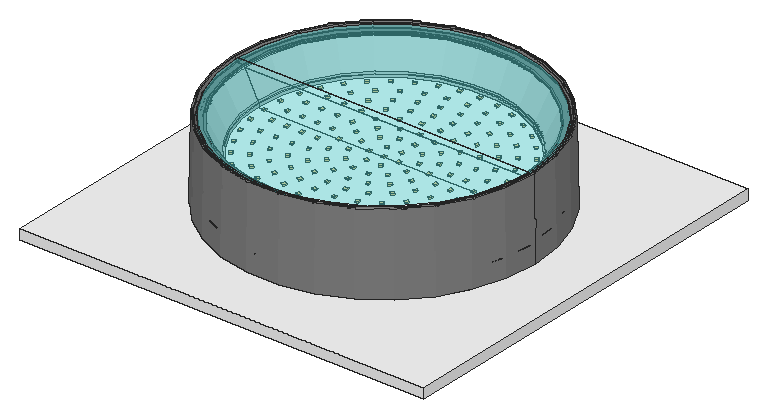
Revit family "BE_24648_de_DE", category Leuchten, Revit 2020
Family settings
  Basisbauteil = Fläche
  Bemaßung runder Anschluss = Durchmesser verwenden
  Teiletyp = Normal
  Beim Laden mit Abzugskörper schneiden = Ja
  Lichtquelle = Ja
  Gemeinsam genutzt = Nein
  Raumberechnungspunkt = Ja
Parameters (values of type "BEGA_24648_Grafit_K3")
  built-in parameter 1150104 = 16.404 (stored number, unit not read)
  Wattage = 27.1 W
  Default Elevation = 0 mm
  built-in parameter 1150113 = 1 (stored number, unit not read)
  built-in parameter 1114218 = 1 (stored number, unit not read)
  Umgebungstemperatur = "25 °C"
  URL = "https://www.bega.com/de/produkt/24648"
  Typenkommentare = "© 2022 BEGA. Wir behalten uns das Recht vor, technische Änderungen ohne vorherige Ankündigung vorzunehmen."  # constant formula
  built-in parameter 1150134 = (empty or 0)
  built-in parameter 1150109 = 1 (stored number, unit not read)
  Strom = ""
  built-in parameter 1150110 = 1 (stored number, unit not read)
  Spannung = 239.996 V
  Sonderanfertigung = no
  Seriennummer [instance] = "Hier können Sie die eindeutige Seriennummer für das Facility Management eintragen."
  Schutzklasse = "I"
  Schutzart = "IP 65"
  Scheinlast = 0 VA
  Produktdatenblatt = "https://cdn.bega.com/bega/products/24648K3/current/documents/data-sheets/de"
  Oberflächentemperatur = ""
  Neigungswinkel = 0.00°
  Modell = "24648K3"
  Material_20 = BEGA_Platte_Weiss
  Material_18 = BEGA_Gummi_schwarz
  Material_17 = BEGA_Reflektor
  Material_15 = BEGA_Leuchtmedium_matt
  Material_11 = BEGA_Glas_opal
  Material_09 = BEGA_Glas_klar
  Material_06 = BEGA_Oberfläche_Edelstahl_gebürstet
  Material_03 = BEGA_Oberfläche_Weiss_matt
  Material_02 = BEGA_Oberfläche_Silber_matt
  Material_01 [instance] = BEGA_Oberfläche_Grafit_matt
  M_W = no
  M_G = yes
  M_A = no
  Logo = 0
  built-in parameter 1114217 = 1 (stored number, unit not read)
  built-in parameter 1150139 = (empty or 0)
  built-in parameter 1150105 = 380.78 (stored number, unit not read)
  built-in parameter 1150114 = 1 (stored number, unit not read)
  Lumens = 4785.05 lm
  built-in parameter 1150115 = 1 (stored number, unit not read)
  Leuchtenlichtstrom = "3888 lm"
  Leuchtenanzahl = ""
  Lebensdauerkriterien = "L70B50 @ 25 °C = 155000 h"
  Lastklassifizierung = Beleuchtung
  built-in parameter 1150112 = 1 (stored number, unit not read)
  Lampenlichtstrom = "4785 lm"
  Lampe = "LED 27.1 W"
  LED_Modulbezeichnung = "LED-1232/830"
  built-in parameter 1150142 = (empty or 0)
  Hersteller = "BEGA"  # constant formula
  Halbstreuwinkel = ""
  Gewicht = "4.05 kg"
  Gebrauchslageneinschränkung [instance] = ""
  Frequenz = "0/50-60 Hz"
  Farbwiedergabeindex = "CRI > 80"
  Farbtemperaturverschiebung bei Dämpfen der Lampe = <Keine Auswahl>
  Farbtemperatur = "3000 K"
  Color Filter = 16777215
  built-in parameter 1150133 = 10 (stored number, unit not read)
  Energieeffizienzklasse = "LED A++ - A"
  built-in parameter 1150137 = (empty or 0)
  built-in parameter 1150132 = (empty or 0)
  ENEC = ""
  Dimmbar [instance] = "DALI"
  Datei für fotometrisches Netz = "BE_24648K3.IES"
  CE_Konformität = "ja"
  Bestellnummer = "24648K3"
  Beschreibung_Sonderanfertigung = "Hier können Sie Informationen zur Sonderanfertigung eintragen."
  Beschreibung = "Decken- und Wandleuchte"
  built-in parameter 1150106 = 3.8078 (stored number, unit not read)
  Befestigungsbohrung = "Ø 7 mm"
  Befestigungsabstand = "260 mm"
  Ballwurfsicher = ""
  BEGA_Intern_aus = yes
  BEGA_Intern_an = yes
  BEGA_Intern_Konstruktion = yes
  BEGA_Intern = yes
  BEGA_IES = yes
  BEGA_Dummy = no
  Anschlussleitung = ""
  Anschlussleistung [instance] = "29.5 W"
  Anschlusskasten = ""
  built-in parameter 1150107 = 3000 (stored number, unit not read)
  built-in parameter 1150102 = (empty or 0)
  built-in parameter 1150138 = (empty or 0)
  Aktualisierung = "2022-05-18T04:00:07"
  Abstand_zur_angestrahlten_Fläche [instance] = ""
  AC/DC = "AC/DC"
Reference planes
  plane 1 "Mitte (Vorne/Hinten)": y = 0
  plane 2: z = 0
  plane 3 "Mitte (Links/Rechts)": x = 0
  plane 4 "Links": x = -150.4
  plane 5 "Rechts": x = 150.4
  plane 6 "Unten": y = -150.4
  plane 7 "Oben": y = 150.4
  plane 8 "Vorne": z = 84.1
  plane 9 "Hinten": z = 0
Forms (mm)
  Extrusion 1, solid, material "BEGA_Platte_Weiss"
    sketch origin (0, -1119.2, 0) x (1, 0, 0) y (0, 1, 0)
      loop
        line (-200, 1319.2) -> (-200, 919.2) -> (200, 919.2) -> (200, 1319.2) -> (-200, 1319.2)
    from 0 to -10
  Extrusion 2, solid, material "BEGA_Dummy_matt", visible <- "BEGA_Dummy"
    sketch origin (77.149, -76.023, -2.092) x (1, 0, 0) y (0, 1, 0)
      loop
        circle (-77.149, 76.023) r 150.4
    from 2.192 to 86.192
Dimensions and locks
  plane 1 "Mitte (Vorne/Hinten)" to Extrusion 1 = 200 mm
  aligned and locked: Extrusion 1 to plane 2
  aligned and locked: level to Extrusion 1
Nested families
  nested 1: "BE_24648" at (0, 0, 0), type "BE_24648"
Connectors
  electrical at (0, 0, 0), driven by "Lastklassifizierung", driven by "Spannung", driven by "Scheinlast"
    settings: index 1, voltage 239.996 V, apparent load 0 VA, apparent load phase1 0 VA, apparent load phase2 0 VA, apparent load phase3 0 VA, power factor 1, load classification "Beleuchtung", number of poles 1, system type 31, power factor state 1, is connector primary yes, connector utility no, sub classification motor no, connector description ""
Definition of nested family "BE_24648"
  Parameters (values of type "BE_24648")
    Default Elevation = 1 mm
    URL = "http://www.bega.de/de/produkt"
    Type Comments = "© 2015 BEGA. Wir behalten uns das Recht vor, technische Änderungen ohne vorherige Ankündigung vorzunehmen. "  # constant formula
    Type Image = (empty or 0)
    Neigungswinkel_um_Z2 = 0.00°
    Neigungswinkel_um_Z1 = 0.00°
    Neigungswinkel_um_Y2 = 0.00°
    Neigungswinkel_um_Y1 = 0.00°
    Neigungswinkel_um_X2 = 0.00°
    Neigungswinkel_um_X1 = 0.00°
    Material_20 = none
    Material_18 = none
    Material_17 = none
    Material_15 = none
    Material_11 = none
    Material_09 = none
    Material_06 = none
    Material_03 = none
    Material_01 = none
    M_W = yes
    M_G = yes
    M_A = yes
    Länge_Platte = 325 mm  # constant formula
    Höhe_Platte = -10 mm  # constant formula
    Manufacturer = "BEGA"  # constant formula
    Drehwinkel_um_Z2 = 0.00°
    Drehwinkel_um_Z1 = 0.00°
    Breite_Platte = 325 mm  # constant formula
  Reference planes
    plane 1 "Mitte (Oben/Unten)": y = 0
    plane 2: z = 0
    plane 3 "Mitte (Links/Rechts)": x = 0
  Forms (mm)
    Extrusion 1, solid, detail levels medium
      sketch origin (0, 0, 0) x (1, 0, 0) y (0, 1, 0)
        loop
          line (-162.5, 162.5) -> (-162.5, -162.5) -> (162.5, -162.5) -> (162.5, 162.5) -> (-162.5, 162.5)
      from 0 to -10 <- "Höhe_Platte"
    Revolve 2, solid, material <- "Material_01", visible <- "M_G"
      sketch origin (0, 0, 0) x (1, 0, 0) y (0, 0, 1)
        loop
          line (-150.396, 4.114) -> (-146.024, 4.114) -> (-145.448, 20.614) -> (-144.25, 20.614)
          arc (-144.25, 20.614) -> (-143.896, 20.76) -> (-143.75, 21.114) r 0.5
          line (-143.75, 21.114) -> (-143.622, 22.614) -> (-143, 52.314) -> (-143, 77.114) -> (-140.207, 77.114) -> (-140.259, 78.614) -> (-145.498, 78.614) -> (-145.549, 79.75) -> (-146.972, 83.657)
          arc (-146.972, 83.657) -> (-147.226, 83.988) -> (-147.624, 84.114) r 0.695
          line (-147.624, 84.114) -> (-148.462, 84.114)
          arc (-148.462, 84.114) -> (-148.846, 83.957) -> (-149.009, 83.576) r 0.547
          line (-149.009, 83.576) -> (-150.396, 4.114)
        axis (0, 84.114) -> (0, 4.114)
      angle from 0 to 360
    Revolve 3, solid, material <- "Material_09"
      sketch origin (0, 0, 0) x (1, 0, 0) y (0, 0, 1)
        loop
          line (-145, 79.124) -> (-139.5, 79.124) -> (-139.5, 77.124) -> (0, 77.124) -> (0, 83.124) -> (-144.264, 83.124) -> (-145, 82.388) -> (-145, 79.124)
        axis (0, 83.124) -> (0, 77.124)
      angle from 0 to 360
    Revolve 4, solid, material <- "Material_18"
      sketch origin (0, 0, 0) x (1, 0, 0) y (0, 0, 1)
        loop
          line (-144.993, 79.114) -> (-144.993, 78.323) -> (-138.011, 78.323) -> (-138.011, 79.114) -> (-144.993, 79.114)
        axis (0, 79.114) -> (0, 78.114)
      angle from 0 to 360
    Revolve 5, solid, material <- "Material_17"
      sketch origin (0, 0, 0) x (1, 0, 0) y (0, 0, 1)
        loop
          line (-137.777, 77.124) -> (-138.618, 77.124) -> (-125.75, 51.685) -> (-125.75, 49.314) -> (-127.567, 49.314) -> (-128, 48.564) -> (-124.25, 48.564) -> (-123.5, 47.564) -> (-123.5, 50.064) -> (-125, 50.064) -> (-125, 51.864) -> (-137.777, 77.124)
        axis (0, 77.124) -> (0, 47.564)
      angle from 0 to 360
    Revolve 6, solid, material <- "Material_20"
      sketch origin (0, 0, 0) x (1, 0, 0) y (0, 0, 1)
        loop
          line (-142, 45.014) -> (-142, 42.014) -> (0, 42.014) -> (0, 46.564) -> (-125.119, 46.564) -> (-125.119, 45.014) -> (-142, 45.014)
        axis (0, 46.564) -> (0, 42.014)
      angle from 0 to 360
    Revolve 7, solid, material <- "Material_01", visible <- "M_G"
      sketch origin (0, 0, 0) x (1, 0, 0) y (0, 0, 1)
        loop
          arc (144.045, 16.536) -> (143.78, 17.179) -> (143.159, 17.494) r 1
          line (143.159, 17.494) -> (141.585, 17.674)
          arc (141.585, 17.674) -> (140.003, 20.129) -> (141.829, 22.408) r 2.5
          line (141.829, 22.408) -> (141.747, 23.342)
          arc (141.747, 23.342) -> (141.381, 23.819) -> (140.807, 24) r 1
          line (140.807, 24) -> (138.693, 24)
          arc (138.693, 24) -> (137.997, 23.719) -> (137.693, 23.033) r 1
          line (137.693, 23.033) -> (137.551, 18.964)
          arc (137.551, 18.964) -> (137.404, 18.477) -> (137.037, 18.126) r 1
          arc (137.037, 18.126) -> (136.673, 17.775) -> (136.527, 17.291) r 1
          line (136.527, 17.291) -> (136.236, 8.963)
          arc (136.236, 8.963) -> (135.931, 8.28) -> (135.237, 8) r 1
          line (135.237, 8) -> (0, 8) -> (0, 5) -> (140.48, 5)
          arc (140.48, 5) -> (141.174, 4.72) -> (141.479, 4.037) r 1
          line (141.479, 4.037) -> (141.552, 1.964)
          arc (141.552, 1.964) -> (141.857, 1.28) -> (142.551, 1) r 1
          line (142.551, 1) -> (144.587, 1) -> (144.045, 16.536)
        axis (0, 24) -> (0, 1)
      angle from 0 to 360
    Revolve 8, solid, material <- "Material_18"
      sketch origin (0, 0, 0) x (1, 0, 0) y (0, 0, 1)
        loop
          arc (145, 20.1) -> (144.268, 21.868) -> (142.5, 22.6) r 2.5
          arc (142.5, 22.6) -> (140, 20.1) -> (142.5, 17.6) r 2.5
          arc (142.5, 17.6) -> (144.268, 18.332) -> (145, 20.1) r 2.5
        axis (0, 22.6) -> (0, 17.6)
      angle from 0 to 360
    Extrusion 9, solid, material <- "Material_01", visible <- "M_G"
      sketch origin (0, 0, 0) x (1, 0, 0) y (0, 1, 0)
        loop
          circle (-130, 0) r 8.251
        loop
          circle (130, 0) r 8.251
      from 0 to 5
    Extrusion 10, void
      sketch origin (0, 0, 0) x (1, 0, 0) y (0, 1, 0)
        loop
          circle (-130, 0) r 3.454
        loop
          circle (130, 0) r 3.454
      from 0 to 18.614
    Extrusion 11, solid, material <- "Material_15"
      sketch origin (0, 0, 0) x (1, 0, 0) y (0, 1, 0)
        loop
          line (1.4, 1.6) -> (-1.4, 1.6) -> (-1.4, -1.6) -> (1.4, -1.6) -> (1.4, 1.6)
      from 46.011 to 47.214
    Extrusion 12, solid, material <- "Material_15"
      sketch origin (0, 0, 0) x (1, 0, 0) y (0, 1, 0)
        loop
          line (-16.2, -1.6) -> (-13.4, -1.6) -> (-13.4, 1.6) -> (-16.2, 1.6) -> (-16.2, -1.6)
        loop
          line (-29.53, -9.569) -> (-26.825, -8.844) -> (-27.653, -5.753) -> (-30.358, -6.478) -> (-29.53, -9.569)
        loop
          line (-30.358, 6.478) -> (-27.653, 5.753) -> (-26.825, 8.844) -> (-29.53, 9.569) -> (-30.358, 6.478)
      from 45.555 to 47.214
    Extrusion 13, solid, material <- "Material_15"
      sketch origin (0, 0, 0) x (0.499999, -0.866026, 0) y (0.866026, 0.499999, 0)
        loop
          line (-16.2, -1.6) -> (-13.4, -1.6) -> (-13.4, 1.6) -> (-16.2, 1.6) -> (-16.2, -1.6)
        loop
          line (-29.53, -9.569) -> (-26.825, -8.844) -> (-27.653, -5.753) -> (-30.358, -6.478) -> (-29.53, -9.569)
        loop
          line (-30.358, 6.478) -> (-27.653, 5.753) -> (-26.825, 8.844) -> (-29.53, 9.569) -> (-30.358, 6.478)
      from 45.555 to 47.214
    Extrusion 14, solid, material <- "Material_15"
      sketch origin (0, 0, 0) x (-0.500002, -0.866024, 0) y (0.866024, -0.500002, 0)
        loop
          line (-16.2, -1.6) -> (-13.4, -1.6) -> (-13.4, 1.6) -> (-16.2, 1.6) -> (-16.2, -1.6)
        loop
          line (-29.53, -9.569) -> (-26.825, -8.844) -> (-27.653, -5.753) -> (-30.358, -6.478) -> (-29.53, -9.569)
        loop
          line (-30.358, 6.478) -> (-27.653, 5.753) -> (-26.825, 8.844) -> (-29.53, 9.569) -> (-30.358, 6.478)
      from 45.555 to 47.214
    Extrusion 15, solid, material <- "Material_15"
      sketch origin (0, 0, 0) x (-1, 0.000003, 0) y (-0.000003, -1, 0)
        loop
          line (-16.2, -1.6) -> (-13.4, -1.6) -> (-13.4, 1.6) -> (-16.2, 1.6) -> (-16.2, -1.6)
        loop
          line (-29.53, -9.569) -> (-26.825, -8.844) -> (-27.653, -5.753) -> (-30.358, -6.478) -> (-29.53, -9.569)
        loop
          line (-30.358, 6.478) -> (-27.653, 5.753) -> (-26.825, 8.844) -> (-29.53, 9.569) -> (-30.358, 6.478)
      from 45.555 to 47.214
    Extrusion 16, solid, material <- "Material_15"
      sketch origin (0, 0, 0) x (-0.499997, 0.866027, 0) y (-0.866027, -0.499997, 0)
        loop
          line (-16.2, -1.6) -> (-13.4, -1.6) -> (-13.4, 1.6) -> (-16.2, 1.6) -> (-16.2, -1.6)
        loop
          line (-29.53, -9.569) -> (-26.825, -8.844) -> (-27.653, -5.753) -> (-30.358, -6.478) -> (-29.53, -9.569)
        loop
          line (-30.358, 6.478) -> (-27.653, 5.753) -> (-26.825, 8.844) -> (-29.53, 9.569) -> (-30.358, 6.478)
      from 45.555 to 47.214
    Extrusion 17, solid, material <- "Material_15"
      sketch origin (0, 0, 0) x (0.500004, 0.866023, 0) y (-0.866023, 0.500004, 0)
        loop
          line (-16.2, -1.6) -> (-13.4, -1.6) -> (-13.4, 1.6) -> (-16.2, 1.6) -> (-16.2, -1.6)
        loop
          line (-29.53, -9.569) -> (-26.825, -8.844) -> (-27.653, -5.753) -> (-30.358, -6.478) -> (-29.53, -9.569)
        loop
          line (-30.358, 6.478) -> (-27.653, 5.753) -> (-26.825, 8.844) -> (-29.53, 9.569) -> (-30.358, 6.478)
      from 45.555 to 47.214
    Extrusion 18, solid, material <- "Material_15"
      sketch origin (0, 0, 0) x (1, 0, 0) y (0, 1, 0)
        loop
          line (-45.8, 1.6) -> (-45.8, -1.6) -> (-43, -1.6) -> (-43, 1.6) -> (-45.8, 1.6)
      from 45.555 to 47.214
    Extrusion 19, solid, material <- "Material_15"
      sketch origin (0, 0, 0) x (0.92388, -0.382683, 0) y (0.382683, 0.92388, 0)
        loop
          line (-45.8, 1.6) -> (-45.8, -1.6) -> (-43, -1.6) -> (-43, 1.6) -> (-45.8, 1.6)
      from 45.555 to 47.214
    Extrusion 20, solid, material <- "Material_15"
      sketch origin (0, 0, 0) x (0.707107, -0.707107, 0) y (0.707107, 0.707107, 0)
        loop
          line (-45.8, 1.6) -> (-45.8, -1.6) -> (-43, -1.6) -> (-43, 1.6) -> (-45.8, 1.6)
      from 45.555 to 47.214
    Extrusion 21, solid, material <- "Material_15"
      sketch origin (0, 0, 0) x (0.382683, -0.92388, 0) y (0.92388, 0.382683, 0)
        loop
          line (-45.8, 1.6) -> (-45.8, -1.6) -> (-43, -1.6) -> (-43, 1.6) -> (-45.8, 1.6)
      from 45.555 to 47.214
    Extrusion 22, solid, material <- "Material_15"
      sketch origin (0, 0, 0) x (0, -1, 0) y (1, 0, 0)
        loop
          line (-45.8, 1.6) -> (-45.8, -1.6) -> (-43, -1.6) -> (-43, 1.6) -> (-45.8, 1.6)
      from 45.555 to 47.214
    Extrusion 23, solid, material <- "Material_15"
      sketch origin (0, 0, 0) x (-0.382684, -0.923879, 0) y (0.923879, -0.382684, 0)
        loop
          line (-45.8, 1.6) -> (-45.8, -1.6) -> (-43, -1.6) -> (-43, 1.6) -> (-45.8, 1.6)
      from 45.555 to 47.214
    Extrusion 24, solid, material <- "Material_15"
      sketch origin (0, 0, 0) x (-0.707107, -0.707107, 0) y (0.707107, -0.707107, 0)
        loop
          line (-45.8, 1.6) -> (-45.8, -1.6) -> (-43, -1.6) -> (-43, 1.6) -> (-45.8, 1.6)
      from 45.555 to 47.214
    Extrusion 25, solid, material <- "Material_15"
      sketch origin (0, 0, 0) x (-0.92388, -0.382683, 0) y (0.382683, -0.92388, 0)
        loop
          line (-45.8, 1.6) -> (-45.8, -1.6) -> (-43, -1.6) -> (-43, 1.6) -> (-45.8, 1.6)
      from 45.555 to 47.214
    Extrusion 26, solid, material <- "Material_15"
      sketch origin (0, 0, 0) x (-1, 0, 0) y (0, -1, 0)
        loop
          line (-45.8, 1.6) -> (-45.8, -1.6) -> (-43, -1.6) -> (-43, 1.6) -> (-45.8, 1.6)
      from 45.555 to 47.214
    Extrusion 27, solid, material <- "Material_15"
      sketch origin (0, 0, 0) x (-0.923879, 0.382684, 0) y (-0.382684, -0.923879, 0)
        loop
          line (-45.8, 1.6) -> (-45.8, -1.6) -> (-43, -1.6) -> (-43, 1.6) -> (-45.8, 1.6)
      from 45.555 to 47.214
    Extrusion 28, solid, material <- "Material_15"
      sketch origin (0, 0, 0) x (-0.707107, 0.707107, 0) y (-0.707107, -0.707107, 0)
        loop
          line (-45.8, 1.6) -> (-45.8, -1.6) -> (-43, -1.6) -> (-43, 1.6) -> (-45.8, 1.6)
      from 45.555 to 47.214
    Extrusion 29, solid, material <- "Material_15"
      sketch origin (0, 0, 0) x (-0.382683, 0.92388, 0) y (-0.92388, -0.382683, 0)
        loop
          line (-45.8, 1.6) -> (-45.8, -1.6) -> (-43, -1.6) -> (-43, 1.6) -> (-45.8, 1.6)
      from 45.555 to 47.214
    Extrusion 30, solid, material <- "Material_15"
      sketch origin (0, 0, 0) x (0, 1, 0) y (-1, 0, 0)
        loop
          line (-45.8, 1.6) -> (-45.8, -1.6) -> (-43, -1.6) -> (-43, 1.6) -> (-45.8, 1.6)
      from 45.555 to 47.214
    Extrusion 31, solid, material <- "Material_15"
      sketch origin (0, 0, 0) x (0.382684, 0.923879, 0) y (-0.923879, 0.382684, 0)
        loop
          line (-45.8, 1.6) -> (-45.8, -1.6) -> (-43, -1.6) -> (-43, 1.6) -> (-45.8, 1.6)
      from 45.555 to 47.214
    Extrusion 32, solid, material <- "Material_15"
      sketch origin (0, 0, 0) x (0.707107, 0.707106, 0) y (-0.707106, 0.707107, 0)
        loop
          line (-45.8, 1.6) -> (-45.8, -1.6) -> (-43, -1.6) -> (-43, 1.6) -> (-45.8, 1.6)
      from 45.555 to 47.214
    Extrusion 33, solid, material <- "Material_15"
      sketch origin (0, 0, 0) x (0.92388, 0.382683, 0) y (-0.382683, 0.92388, 0)
        loop
          line (-45.8, 1.6) -> (-45.8, -1.6) -> (-43, -1.6) -> (-43, 1.6) -> (-45.8, 1.6)
      from 45.555 to 47.214
    Extrusion 34, solid, material <- "Material_15"
      sketch origin (0, 0, 0) x (1, 0, 0) y (0, 1, 0)
        loop
          line (-60.104, 7.9) -> (-57.339, 7.462) -> (-56.838, 10.622) -> (-59.604, 11.06) -> (-60.104, 7.9)
      from 45.555 to 47.214
    Extrusion 35, solid, material <- "Material_15"
      sketch origin (0, 0, 0) x (0.951057, -0.309017, 0) y (0.309017, 0.951057, 0)
        loop
          line (-60.104, 7.9) -> (-57.339, 7.462) -> (-56.838, 10.622) -> (-59.604, 11.06) -> (-60.104, 7.9)
      from 45.555 to 47.214
    Extrusion 36, solid, material <- "Material_15"
      sketch origin (0, 0, 0) x (0.809017, -0.587785, 0) y (0.587785, 0.809017, 0)
        loop
          line (-60.104, 7.9) -> (-57.339, 7.462) -> (-56.838, 10.622) -> (-59.604, 11.06) -> (-60.104, 7.9)
      from 45.555 to 47.214
    Extrusion 37, solid, material <- "Material_15"
      sketch origin (0, 0, 0) x (0.587785, -0.809017, 0) y (0.809017, 0.587785, 0)
        loop
          line (-60.104, 7.9) -> (-57.339, 7.462) -> (-56.838, 10.622) -> (-59.604, 11.06) -> (-60.104, 7.9)
      from 45.555 to 47.214
    Extrusion 38, solid, material <- "Material_15"
      sketch origin (0, 0, 0) x (0.309017, -0.951056, 0) y (0.951056, 0.309017, 0)
        loop
          line (-60.104, 7.9) -> (-57.339, 7.462) -> (-56.838, 10.622) -> (-59.604, 11.06) -> (-60.104, 7.9)
      from 45.555 to 47.214
    Extrusion 39, solid, material <- "Material_15"
      sketch origin (0, 0, 0) x (0, -1, 0) y (1, 0, 0)
        loop
          line (-60.104, 7.9) -> (-57.339, 7.462) -> (-56.838, 10.622) -> (-59.604, 11.06) -> (-60.104, 7.9)
      from 45.555 to 47.214
    Extrusion 40, solid, material <- "Material_15"
      sketch origin (0, 0, 0) x (-0.309017, -0.951057, 0) y (0.951057, -0.309017, 0)
        loop
          line (-60.104, 7.9) -> (-57.339, 7.462) -> (-56.838, 10.622) -> (-59.604, 11.06) -> (-60.104, 7.9)
      from 45.555 to 47.214
    Extrusion 41, solid, material <- "Material_15"
      sketch origin (0, 0, 0) x (-0.587785, -0.809017, 0) y (0.809017, -0.587785, 0)
        loop
          line (-60.104, 7.9) -> (-57.339, 7.462) -> (-56.838, 10.622) -> (-59.604, 11.06) -> (-60.104, 7.9)
      from 45.555 to 47.214
    Extrusion 42, solid, material <- "Material_15"
      sketch origin (0, 0, 0) x (-0.809017, -0.587786, 0) y (0.587786, -0.809017, 0)
        loop
          line (-60.104, 7.9) -> (-57.339, 7.462) -> (-56.838, 10.622) -> (-59.604, 11.06) -> (-60.104, 7.9)
      from 45.555 to 47.214
    Extrusion 43, solid, material <- "Material_15"
      sketch origin (0, 0, 0) x (-0.951056, -0.309017, 0) y (0.309017, -0.951056, 0)
        loop
          line (-60.104, 7.9) -> (-57.339, 7.462) -> (-56.838, 10.622) -> (-59.604, 11.06) -> (-60.104, 7.9)
      from 45.555 to 47.214
    Extrusion 44, solid, material <- "Material_15"
      sketch origin (0, 0, 0) x (-1, 0, 0) y (0, -1, 0)
        loop
          line (-60.104, 7.9) -> (-57.339, 7.462) -> (-56.838, 10.622) -> (-59.604, 11.06) -> (-60.104, 7.9)
      from 45.555 to 47.214
    Extrusion 45, solid, material <- "Material_15"
      sketch origin (0, 0, 0) x (-0.951057, 0.309017, 0) y (-0.309017, -0.951057, 0)
        loop
          line (-60.104, 7.9) -> (-57.339, 7.462) -> (-56.838, 10.622) -> (-59.604, 11.06) -> (-60.104, 7.9)
      from 45.555 to 47.214
    Extrusion 46, solid, material <- "Material_15"
      sketch origin (0, 0, 0) x (-0.809017, 0.587785, 0) y (-0.587785, -0.809017, 0)
        loop
          line (-60.104, 7.9) -> (-57.339, 7.462) -> (-56.838, 10.622) -> (-59.604, 11.06) -> (-60.104, 7.9)
      from 45.555 to 47.214
    Extrusion 47, solid, material <- "Material_15"
      sketch origin (0, 0, 0) x (-0.587786, 0.809017, 0) y (-0.809017, -0.587786, 0)
        loop
          line (-60.104, 7.9) -> (-57.339, 7.462) -> (-56.838, 10.622) -> (-59.604, 11.06) -> (-60.104, 7.9)
      from 45.555 to 47.214
    Extrusion 48, solid, material <- "Material_15"
      sketch origin (0, 0, 0) x (-0.309018, 0.951056, 0) y (-0.951056, -0.309018, 0)
        loop
          line (-60.104, 7.9) -> (-57.339, 7.462) -> (-56.838, 10.622) -> (-59.604, 11.06) -> (-60.104, 7.9)
      from 45.555 to 47.214
    Extrusion 49, solid, material <- "Material_15"
      sketch origin (0, 0, 0) x (-0.000001, 1, 0) y (-1, -0.000001, 0)
        loop
          line (-60.104, 7.9) -> (-57.339, 7.462) -> (-56.838, 10.622) -> (-59.604, 11.06) -> (-60.104, 7.9)
      from 45.555 to 47.214
    Extrusion 50, solid, material <- "Material_15"
      sketch origin (0, 0, 0) x (0.309016, 0.951057, 0) y (-0.951057, 0.309016, 0)
        loop
          line (-60.104, 7.9) -> (-57.339, 7.462) -> (-56.838, 10.622) -> (-59.604, 11.06) -> (-60.104, 7.9)
      from 45.555 to 47.214
    Extrusion 51, solid, material <- "Material_15"
      sketch origin (0, 0, 0) x (0.587785, 0.809017, 0) y (-0.809017, 0.587785, 0)
        loop
          line (-60.104, 7.9) -> (-57.339, 7.462) -> (-56.838, 10.622) -> (-59.604, 11.06) -> (-60.104, 7.9)
      from 45.555 to 47.214
    Extrusion 52, solid, material <- "Material_15"
      sketch origin (0, 0, 0) x (0.809016, 0.587786, 0) y (-0.587786, 0.809016, 0)
        loop
          line (-60.104, 7.9) -> (-57.339, 7.462) -> (-56.838, 10.622) -> (-59.604, 11.06) -> (-60.104, 7.9)
      from 45.555 to 47.214
    Extrusion 53, solid, material <- "Material_15"
      sketch origin (0, 0, 0) x (0.951056, 0.309018, 0) y (-0.309018, 0.951056, 0)
        loop
          line (-60.104, 7.9) -> (-57.339, 7.462) -> (-56.838, 10.622) -> (-59.604, 11.06) -> (-60.104, 7.9)
      from 45.555 to 47.214
    Extrusion 54, solid, material <- "Material_15"
      sketch origin (0, 0, 0) x (1, 0, 0) y (0, 1, 0)
        loop
          line (-74.546, 11.428) -> (-74.964, 8.255) -> (-72.188, 7.89) -> (-71.77, 11.062) -> (-74.546, 11.428)
      from 45.555 to 47.214
    Extrusion 55, solid, material <- "Material_15"
      sketch origin (0, 0, 0) x (0.965926, -0.258819, 0) y (0.258819, 0.965926, 0)
        loop
          line (-74.546, 11.428) -> (-74.964, 8.255) -> (-72.188, 7.89) -> (-71.77, 11.062) -> (-74.546, 11.428)
      from 45.555 to 47.214
    Extrusion 56, solid, material <- "Material_15"
      sketch origin (0, 0, 0) x (0.866025, -0.5, 0) y (0.5, 0.866025, 0)
        loop
          line (-74.546, 11.428) -> (-74.964, 8.255) -> (-72.188, 7.89) -> (-71.77, 11.062) -> (-74.546, 11.428)
      from 45.555 to 47.214
    Extrusion 57, solid, material <- "Material_15"
      sketch origin (0, 0, 0) x (0.707106, -0.707107, 0) y (0.707107, 0.707106, 0)
        loop
          line (-74.546, 11.428) -> (-74.964, 8.255) -> (-72.188, 7.89) -> (-71.77, 11.062) -> (-74.546, 11.428)
      from 45.555 to 47.214
    Extrusion 58, solid, material <- "Material_15"
      sketch origin (0, 0, 0) x (0.499999, -0.866026, 0) y (0.866026, 0.499999, 0)
        loop
          line (-74.546, 11.428) -> (-74.964, 8.255) -> (-72.188, 7.89) -> (-71.77, 11.062) -> (-74.546, 11.428)
      from 45.555 to 47.214
    Extrusion 59, solid, material <- "Material_15"
      sketch origin (0, 0, 0) x (0.258818, -0.965926, 0) y (0.965926, 0.258818, 0)
        loop
          line (-74.546, 11.428) -> (-74.964, 8.255) -> (-72.188, 7.89) -> (-71.77, 11.062) -> (-74.546, 11.428)
      from 45.555 to 47.214
    Extrusion 60, solid, material <- "Material_15"
      sketch origin (0, 0, 0) x (-0.000001, -1, 0) y (1, -0.000001, 0)
        loop
          line (-74.546, 11.428) -> (-74.964, 8.255) -> (-72.188, 7.89) -> (-71.77, 11.062) -> (-74.546, 11.428)
      from 45.555 to 47.214
    Extrusion 61, solid, material <- "Material_15"
      sketch origin (0, 0, 0) x (-0.25882, -0.965926, 0) y (0.965926, -0.25882, 0)
        loop
          line (-74.546, 11.428) -> (-74.964, 8.255) -> (-72.188, 7.89) -> (-71.77, 11.062) -> (-74.546, 11.428)
      from 45.555 to 47.214
    Extrusion 62, solid, material <- "Material_15"
      sketch origin (0, 0, 0) x (-0.500001, -0.866025, 0) y (0.866025, -0.500001, 0)
        loop
          line (-74.546, 11.428) -> (-74.964, 8.255) -> (-72.188, 7.89) -> (-71.77, 11.062) -> (-74.546, 11.428)
      from 45.555 to 47.214
    Extrusion 63, solid, material <- "Material_15"
      sketch origin (0, 0, 0) x (-0.707108, -0.707106, 0) y (0.707106, -0.707108, 0)
        loop
          line (-74.546, 11.428) -> (-74.964, 8.255) -> (-72.188, 7.89) -> (-71.77, 11.062) -> (-74.546, 11.428)
      from 45.555 to 47.214
    Extrusion 64, solid, material <- "Material_15"
      sketch origin (0, 0, 0) x (-0.866026, -0.499999, 0) y (0.499999, -0.866026, 0)
        loop
          line (-74.546, 11.428) -> (-74.964, 8.255) -> (-72.188, 7.89) -> (-71.77, 11.062) -> (-74.546, 11.428)
      from 45.555 to 47.214
    Extrusion 65, solid, material <- "Material_15"
      sketch origin (0, 0, 0) x (-0.965926, -0.258817, 0) y (0.258817, -0.965926, 0)
        loop
          line (-74.546, 11.428) -> (-74.964, 8.255) -> (-72.188, 7.89) -> (-71.77, 11.062) -> (-74.546, 11.428)
      from 45.555 to 47.214
    Extrusion 66, solid, material <- "Material_15"
      sketch origin (0, 0, 0) x (-1, 0.000002, 0) y (-0.000002, -1, 0)
        loop
          line (-74.546, 11.428) -> (-74.964, 8.255) -> (-72.188, 7.89) -> (-71.77, 11.062) -> (-74.546, 11.428)
      from 45.555 to 47.214
    Extrusion 67, solid, material <- "Material_15"
      sketch origin (0, 0, 0) x (-0.965925, 0.258821, 0) y (-0.258821, -0.965925, 0)
        loop
          line (-74.546, 11.428) -> (-74.964, 8.255) -> (-72.188, 7.89) -> (-71.77, 11.062) -> (-74.546, 11.428)
      from 45.555 to 47.214
    Extrusion 68, solid, material <- "Material_15"
      sketch origin (0, 0, 0) x (-0.866024, 0.500002, 0) y (-0.500002, -0.866024, 0)
        loop
          line (-74.546, 11.428) -> (-74.964, 8.255) -> (-72.188, 7.89) -> (-71.77, 11.062) -> (-74.546, 11.428)
      from 45.555 to 47.214
    Extrusion 69, solid, material <- "Material_15"
      sketch origin (0, 0, 0) x (-0.707105, 0.707108, 0) y (-0.707108, -0.707105, 0)
        loop
          line (-74.546, 11.428) -> (-74.964, 8.255) -> (-72.188, 7.89) -> (-71.77, 11.062) -> (-74.546, 11.428)
      from 45.555 to 47.214
    Extrusion 70, solid, material <- "Material_15"
      sketch origin (0, 0, 0) x (-0.499998, 0.866027, 0) y (-0.866027, -0.499998, 0)
        loop
          line (-74.546, 11.428) -> (-74.964, 8.255) -> (-72.188, 7.89) -> (-71.77, 11.062) -> (-74.546, 11.428)
      from 45.555 to 47.214
    Extrusion 71, solid, material <- "Material_15"
      sketch origin (0, 0, 0) x (-0.258816, 0.965927, 0) y (-0.965927, -0.258816, 0)
        loop
          line (-74.546, 11.428) -> (-74.964, 8.255) -> (-72.188, 7.89) -> (-71.77, 11.062) -> (-74.546, 11.428)
      from 45.555 to 47.214
    Extrusion 72, solid, material <- "Material_15"
      sketch origin (0, 0, 0) x (0.000003, 1, 0) y (-1, 0.000003, 0)
        loop
          line (-74.546, 11.428) -> (-74.964, 8.255) -> (-72.188, 7.89) -> (-71.77, 11.062) -> (-74.546, 11.428)
      from 45.555 to 47.214
    Extrusion 73, solid, material <- "Material_15"
      sketch origin (0, 0, 0) x (0.258822, 0.965925, 0) y (-0.965925, 0.258822, 0)
        loop
          line (-74.546, 11.428) -> (-74.964, 8.255) -> (-72.188, 7.89) -> (-71.77, 11.062) -> (-74.546, 11.428)
      from 45.555 to 47.214
    Extrusion 74, solid, material <- "Material_15"
      sketch origin (0, 0, 0) x (0.500003, 0.866024, 0) y (-0.866024, 0.500003, 0)
        loop
          line (-74.546, 11.428) -> (-74.964, 8.255) -> (-72.188, 7.89) -> (-71.77, 11.062) -> (-74.546, 11.428)
      from 45.555 to 47.214
    Extrusion 75, solid, material <- "Material_15"
      sketch origin (0, 0, 0) x (0.707109, 0.707104, 0) y (-0.707104, 0.707109, 0)
        loop
          line (-74.546, 11.428) -> (-74.964, 8.255) -> (-72.188, 7.89) -> (-71.77, 11.062) -> (-74.546, 11.428)
      from 45.555 to 47.214
    Extrusion 76, solid, material <- "Material_15"
      sketch origin (0, 0, 0) x (0.866027, 0.499997, 0) y (-0.499997, 0.866027, 0)
        loop
          line (-74.546, 11.428) -> (-74.964, 8.255) -> (-72.188, 7.89) -> (-71.77, 11.062) -> (-74.546, 11.428)
      from 45.555 to 47.214
    Extrusion 77, solid, material <- "Material_15"
      sketch origin (0, 0, 0) x (0.965927, 0.258816, 0) y (-0.258816, 0.965927, 0)
        loop
          line (-74.546, 11.428) -> (-74.964, 8.255) -> (-72.188, 7.89) -> (-71.77, 11.062) -> (-74.546, 11.428)
      from 45.555 to 47.214
    Extrusion 78, solid, material <- "Material_15"
      sketch origin (0, 0, 0) x (1, 0, 0) y (0, 1, 0)
        loop
          line (-89.498, 11.343) -> (-89.844, 8.162) -> (-87.061, 7.859) -> (-86.715, 11.04) -> (-89.498, 11.343)
      from 45.014 to 47.214
    Extrusion 79, solid, material <- "Material_15"
      sketch origin (0, 0, 0) x (0.976621, -0.21497, 0) y (0.21497, 0.976621, 0)
        loop
          line (-89.498, 11.343) -> (-89.844, 8.162) -> (-87.061, 7.859) -> (-86.715, 11.04) -> (-89.498, 11.343)
      from 45.014 to 47.214
    Extrusion 80, solid, material <- "Material_15"
      sketch origin (0, 0, 0) x (0.907575, -0.419889, 0) y (0.419889, 0.907575, 0)
        loop
          line (-89.498, 11.343) -> (-89.844, 8.162) -> (-87.061, 7.859) -> (-86.715, 11.04) -> (-89.498, 11.343)
      from 45.014 to 47.214
    Extrusion 81, solid, material <- "Material_15"
      sketch origin (0, 0, 0) x (0.796093, -0.605174, 0) y (0.605174, 0.796093, 0)
        loop
          line (-89.498, 11.343) -> (-89.844, 8.162) -> (-87.061, 7.859) -> (-86.715, 11.04) -> (-89.498, 11.343)
      from 45.014 to 47.214
    Extrusion 82, solid, material <- "Material_15"
      sketch origin (0, 0, 0) x (0.647386, -0.762162, 0) y (0.762162, 0.647386, 0)
        loop
          line (-89.498, 11.343) -> (-89.844, 8.162) -> (-87.061, 7.859) -> (-86.715, 11.04) -> (-89.498, 11.343)
      from 45.014 to 47.214
    Extrusion 83, solid, material <- "Material_15"
      sketch origin (0, 0, 0) x (0.468408, -0.883512, 0) y (0.883512, 0.468408, 0)
        loop
          line (-89.498, 11.343) -> (-89.844, 8.162) -> (-87.061, 7.859) -> (-86.715, 11.04) -> (-89.498, 11.343)
      from 45.014 to 47.214
    Extrusion 84, solid, material <- "Material_15"
      sketch origin (0, 0, 0) x (0.267528, -0.96355, 0) y (0.96355, 0.267528, 0)
        loop
          line (-89.498, 11.343) -> (-89.844, 8.162) -> (-87.061, 7.859) -> (-86.715, 11.04) -> (-89.498, 11.343)
      from 45.014 to 47.214
    Extrusion 85, solid, material <- "Material_15"
      sketch origin (0, 0, 0) x (0.054139, -0.998533, 0) y (0.998533, 0.054139, 0)
        loop
          line (-89.498, 11.343) -> (-89.844, 8.162) -> (-87.061, 7.859) -> (-86.715, 11.04) -> (-89.498, 11.343)
      from 45.014 to 47.214
    Extrusion 86, solid, material <- "Material_15"
      sketch origin (0, 0, 0) x (-0.161782, -0.986826, 0) y (0.986826, -0.161782, 0)
        loop
          line (-89.498, 11.343) -> (-89.844, 8.162) -> (-87.061, 7.859) -> (-86.715, 11.04) -> (-89.498, 11.343)
      from 45.014 to 47.214
    Extrusion 87, solid, material <- "Material_15"
      sketch origin (0, 0, 0) x (-0.370139, -0.928977, 0) y (0.928977, -0.370139, 0)
        loop
          line (-89.498, 11.343) -> (-89.844, 8.162) -> (-87.061, 7.859) -> (-86.715, 11.04) -> (-89.498, 11.343)
      from 45.014 to 47.214
    Extrusion 88, solid, material <- "Material_15"
      sketch origin (0, 0, 0) x (-0.561187, -0.827689, 0) y (0.827689, -0.561187, 0)
        loop
          line (-89.498, 11.343) -> (-89.844, 8.162) -> (-87.061, 7.859) -> (-86.715, 11.04) -> (-89.498, 11.343)
      from 45.014 to 47.214
    Extrusion 89, solid, material <- "Material_15"
      sketch origin (0, 0, 0) x (-0.725996, -0.687699, 0) y (0.687699, -0.725996, 0)
        loop
          line (-89.498, 11.343) -> (-89.844, 8.162) -> (-87.061, 7.859) -> (-86.715, 11.04) -> (-89.498, 11.343)
      from 45.014 to 47.214
    Extrusion 90, solid, material <- "Material_15"
      sketch origin (0, 0, 0) x (-0.856857, -0.515553, 0) y (0.515553, -0.856857, 0)
        loop
          line (-89.498, 11.343) -> (-89.844, 8.162) -> (-87.061, 7.859) -> (-86.715, 11.04) -> (-89.498, 11.343)
      from 45.014 to 47.214
    Extrusion 91, solid, material <- "Material_15"
      sketch origin (0, 0, 0) x (-0.947653, -0.319301, 0) y (0.319301, -0.947653, 0)
        loop
          line (-89.498, 11.343) -> (-89.844, 8.162) -> (-87.061, 7.859) -> (-86.715, 11.04) -> (-89.498, 11.343)
      from 45.014 to 47.214
    Extrusion 92, solid, material <- "Material_15"
      sketch origin (0, 0, 0) x (-0.994138, -0.108118, 0) y (0.108118, -0.994138, 0)
        loop
          line (-89.498, 11.343) -> (-89.844, 8.162) -> (-87.061, 7.859) -> (-86.715, 11.04) -> (-89.498, 11.343)
      from 45.014 to 47.214
    Extrusion 93, solid, material <- "Material_15"
      sketch origin (0, 0, 0) x (-0.994138, 0.10812, 0) y (-0.10812, -0.994138, 0)
        loop
          line (-89.498, 11.343) -> (-89.844, 8.162) -> (-87.061, 7.859) -> (-86.715, 11.04) -> (-89.498, 11.343)
      from 45.014 to 47.214
    Extrusion 94, solid, material <- "Material_15"
      sketch origin (0, 0, 0) x (-0.947653, 0.319302, 0) y (-0.319302, -0.947653, 0)
        loop
          line (-89.498, 11.343) -> (-89.844, 8.162) -> (-87.061, 7.859) -> (-86.715, 11.04) -> (-89.498, 11.343)
      from 45.014 to 47.214
    Extrusion 95, solid, material <- "Material_15"
      sketch origin (0, 0, 0) x (-0.856857, 0.515554, 0) y (-0.515554, -0.856857, 0)
        loop
          line (-89.498, 11.343) -> (-89.844, 8.162) -> (-87.061, 7.859) -> (-86.715, 11.04) -> (-89.498, 11.343)
      from 45.014 to 47.214
    Extrusion 96, solid, material <- "Material_15"
      sketch origin (0, 0, 0) x (-0.725995, 0.6877, 0) y (-0.6877, -0.725995, 0)
        loop
          line (-89.498, 11.343) -> (-89.844, 8.162) -> (-87.061, 7.859) -> (-86.715, 11.04) -> (-89.498, 11.343)
      from 45.014 to 47.214
    Extrusion 97, solid, material <- "Material_15"
      sketch origin (0, 0, 0) x (-0.561186, 0.827689, 0) y (-0.827689, -0.561186, 0)
        loop
          line (-89.498, 11.343) -> (-89.844, 8.162) -> (-87.061, 7.859) -> (-86.715, 11.04) -> (-89.498, 11.343)
      from 45.014 to 47.214
    Extrusion 98, solid, material <- "Material_15"
      sketch origin (0, 0, 0) x (-0.370137, 0.928977, 0) y (-0.928977, -0.370137, 0)
        loop
          line (-89.498, 11.343) -> (-89.844, 8.162) -> (-87.061, 7.859) -> (-86.715, 11.04) -> (-89.498, 11.343)
      from 45.014 to 47.214
    Extrusion 99, solid, material <- "Material_15"
      sketch origin (0, 0, 0) x (-0.161781, 0.986827, 0) y (-0.986827, -0.161781, 0)
        loop
          line (-89.498, 11.343) -> (-89.844, 8.162) -> (-87.061, 7.859) -> (-86.715, 11.04) -> (-89.498, 11.343)
      from 45.014 to 47.214
    Extrusion 100, solid, material <- "Material_15"
      sketch origin (0, 0, 0) x (0.05414, 0.998533, 0) y (-0.998533, 0.05414, 0)
        loop
          line (-89.498, 11.343) -> (-89.844, 8.162) -> (-87.061, 7.859) -> (-86.715, 11.04) -> (-89.498, 11.343)
      from 45.014 to 47.214
    Extrusion 101, solid, material <- "Material_15"
      sketch origin (0, 0, 0) x (0.267529, 0.96355, 0) y (-0.96355, 0.267529, 0)
        loop
          line (-89.498, 11.343) -> (-89.844, 8.162) -> (-87.061, 7.859) -> (-86.715, 11.04) -> (-89.498, 11.343)
      from 45.014 to 47.214
    Extrusion 102, solid, material <- "Material_15"
      sketch origin (0, 0, 0) x (0.468409, 0.883512, 0) y (-0.883512, 0.468409, 0)
        loop
          line (-89.498, 11.343) -> (-89.844, 8.162) -> (-87.061, 7.859) -> (-86.715, 11.04) -> (-89.498, 11.343)
      from 45.014 to 47.214
    Extrusion 103, solid, material <- "Material_15"
      sketch origin (0, 0, 0) x (0.647387, 0.762161, 0) y (-0.762161, 0.647387, 0)
        loop
          line (-89.498, 11.343) -> (-89.844, 8.162) -> (-87.061, 7.859) -> (-86.715, 11.04) -> (-89.498, 11.343)
      from 45.014 to 47.214
    Extrusion 104, solid, material <- "Material_15"
      sketch origin (0, 0, 0) x (0.796094, 0.605173, 0) y (-0.605173, 0.796094, 0)
        loop
          line (-89.498, 11.343) -> (-89.844, 8.162) -> (-87.061, 7.859) -> (-86.715, 11.04) -> (-89.498, 11.343)
      from 45.014 to 47.214
    Extrusion 105, solid, material <- "Material_15"
      sketch origin (0, 0, 0) x (0.907576, 0.419888, 0) y (-0.419888, 0.907576, 0)
        loop
          line (-89.498, 11.343) -> (-89.844, 8.162) -> (-87.061, 7.859) -> (-86.715, 11.04) -> (-89.498, 11.343)
      from 45.014 to 47.214
    Extrusion 106, solid, material <- "Material_15"
      sketch origin (0, 0, 0) x (0.976621, 0.214969, 0) y (-0.214969, 0.976621, 0)
        loop
          line (-89.498, 11.343) -> (-89.844, 8.162) -> (-87.061, 7.859) -> (-86.715, 11.04) -> (-89.498, 11.343)
      from 45.014 to 47.214
    Extrusion 107, solid, material <- "Material_15"
      sketch origin (0, 0, 0) x (1, 0, 0) y (0, 1, 0)
        loop
          line (-104.404, 11.281) -> (-104.7, 8.095) -> (-101.912, 7.837) -> (-101.616, 11.023) -> (-104.404, 11.281)
      from 45.555 to 47.214
    Extrusion 108, solid, material <- "Material_15"
      sketch origin (0, 0, 0) x (0.982973, -0.18375, 0) y (0.18375, 0.982973, 0)
        loop
          line (-104.404, 11.281) -> (-104.7, 8.095) -> (-101.912, 7.837) -> (-101.616, 11.023) -> (-104.404, 11.281)
      from 45.555 to 47.214
    Extrusion 109, solid, material <- "Material_15"
      sketch origin (0, 0, 0) x (0.932472, -0.361242, 0) y (0.361242, 0.932472, 0)
        loop
          line (-104.404, 11.281) -> (-104.7, 8.095) -> (-101.912, 7.837) -> (-101.616, 11.023) -> (-104.404, 11.281)
      from 45.555 to 47.214
    Extrusion 110, solid, material <- "Material_15"
      sketch origin (0, 0, 0) x (0.850217, -0.526432, 0) y (0.526432, 0.850217, 0)
        loop
          line (-104.404, 11.281) -> (-104.7, 8.095) -> (-101.912, 7.837) -> (-101.616, 11.023) -> (-104.404, 11.281)
      from 45.555 to 47.214
    Extrusion 111, solid, material <- "Material_15"
      sketch origin (0, 0, 0) x (0.739009, -0.673696, 0) y (0.673696, 0.739009, 0)
        loop
          line (-104.404, 11.281) -> (-104.7, 8.095) -> (-101.912, 7.837) -> (-101.616, 11.023) -> (-104.404, 11.281)
      from 45.555 to 47.214
    Extrusion 112, solid, material <- "Material_15"
      sketch origin (0, 0, 0) x (0.602635, -0.798017, 0) y (0.798017, 0.602635, 0)
        loop
          line (-104.404, 11.281) -> (-104.7, 8.095) -> (-101.912, 7.837) -> (-101.616, 11.023) -> (-104.404, 11.281)
      from 45.555 to 47.214
    Extrusion 113, solid, material <- "Material_15"
      sketch origin (0, 0, 0) x (0.445738, -0.895163, 0) y (0.895163, 0.445738, 0)
        loop
          line (-104.404, 11.281) -> (-104.7, 8.095) -> (-101.912, 7.837) -> (-101.616, 11.023) -> (-104.404, 11.281)
      from 45.555 to 47.214
    Extrusion 114, solid, material <- "Material_15"
      sketch origin (0, 0, 0) x (0.273663, -0.961826, 0) y (0.961826, 0.273663, 0)
        loop
          line (-104.404, 11.281) -> (-104.7, 8.095) -> (-101.912, 7.837) -> (-101.616, 11.023) -> (-104.404, 11.281)
      from 45.555 to 47.214
    Extrusion 115, solid, material <- "Material_15"
      sketch origin (0, 0, 0) x (0.092268, -0.995734, 0) y (0.995734, 0.092268, 0)
        loop
          line (-104.404, 11.281) -> (-104.7, 8.095) -> (-101.912, 7.837) -> (-101.616, 11.023) -> (-104.404, 11.281)
      from 45.555 to 47.214
    Extrusion 116, solid, material <- "Material_15"
      sketch origin (0, 0, 0) x (-0.092269, -0.995734, 0) y (0.995734, -0.092269, 0)
        loop
          line (-104.404, 11.281) -> (-104.7, 8.095) -> (-101.912, 7.837) -> (-101.616, 11.023) -> (-104.404, 11.281)
      from 45.555 to 47.214
    Extrusion 117, solid, material <- "Material_15"
      sketch origin (0, 0, 0) x (-0.273663, -0.961826, 0) y (0.961826, -0.273663, 0)
        loop
          line (-104.404, 11.281) -> (-104.7, 8.095) -> (-101.912, 7.837) -> (-101.616, 11.023) -> (-104.404, 11.281)
      from 45.555 to 47.214
    Extrusion 118, solid, material <- "Material_15"
      sketch origin (0, 0, 0) x (-0.445739, -0.895163, 0) y (0.895163, -0.445739, 0)
        loop
          line (-104.404, 11.281) -> (-104.7, 8.095) -> (-101.912, 7.837) -> (-101.616, 11.023) -> (-104.404, 11.281)
      from 45.555 to 47.214
    Extrusion 119, solid, material <- "Material_15"
      sketch origin (0, 0, 0) x (-0.602635, -0.798017, 0) y (0.798017, -0.602635, 0)
        loop
          line (-104.404, 11.281) -> (-104.7, 8.095) -> (-101.912, 7.837) -> (-101.616, 11.023) -> (-104.404, 11.281)
      from 45.555 to 47.214
    Extrusion 120, solid, material <- "Material_15"
      sketch origin (0, 0, 0) x (-0.739009, -0.673695, 0) y (0.673695, -0.739009, 0)
        loop
          line (-104.404, 11.281) -> (-104.7, 8.095) -> (-101.912, 7.837) -> (-101.616, 11.023) -> (-104.404, 11.281)
      from 45.555 to 47.214
    Extrusion 121, solid, material <- "Material_15"
      sketch origin (0, 0, 0) x (-0.850217, -0.526432, 0) y (0.526432, -0.850217, 0)
        loop
          line (-104.404, 11.281) -> (-104.7, 8.095) -> (-101.912, 7.837) -> (-101.616, 11.023) -> (-104.404, 11.281)
      from 45.555 to 47.214
    Extrusion 122, solid, material <- "Material_15"
      sketch origin (0, 0, 0) x (-0.932472, -0.361241, 0) y (0.361241, -0.932472, 0)
        loop
          line (-104.404, 11.281) -> (-104.7, 8.095) -> (-101.912, 7.837) -> (-101.616, 11.023) -> (-104.404, 11.281)
      from 45.555 to 47.214
    Extrusion 123, solid, material <- "Material_15"
      sketch origin (0, 0, 0) x (-0.982973, -0.183749, 0) y (0.183749, -0.982973, 0)
        loop
          line (-104.404, 11.281) -> (-104.7, 8.095) -> (-101.912, 7.837) -> (-101.616, 11.023) -> (-104.404, 11.281)
      from 45.555 to 47.214
    Extrusion 124, solid, material <- "Material_15"
      sketch origin (0, 0, 0) x (-1, 0, 0) y (0, -1, 0)
        loop
          line (-104.404, 11.281) -> (-104.7, 8.095) -> (-101.912, 7.837) -> (-101.616, 11.023) -> (-104.404, 11.281)
      from 45.555 to 47.214
    Extrusion 125, solid, material <- "Material_15"
      sketch origin (0, 0, 0) x (-0.982973, 0.18375, 0) y (-0.18375, -0.982973, 0)
        loop
          line (-104.404, 11.281) -> (-104.7, 8.095) -> (-101.912, 7.837) -> (-101.616, 11.023) -> (-104.404, 11.281)
      from 45.555 to 47.214
    Extrusion 126, solid, material <- "Material_15"
      sketch origin (0, 0, 0) x (-0.932472, 0.361242, 0) y (-0.361242, -0.932472, 0)
        loop
          line (-104.404, 11.281) -> (-104.7, 8.095) -> (-101.912, 7.837) -> (-101.616, 11.023) -> (-104.404, 11.281)
      from 45.555 to 47.214
    Extrusion 127, solid, material <- "Material_15"
      sketch origin (0, 0, 0) x (-0.850217, 0.526433, 0) y (-0.526433, -0.850217, 0)
        loop
          line (-104.404, 11.281) -> (-104.7, 8.095) -> (-101.912, 7.837) -> (-101.616, 11.023) -> (-104.404, 11.281)
      from 45.555 to 47.214
    Extrusion 128, solid, material <- "Material_15"
      sketch origin (0, 0, 0) x (-0.739009, 0.673696, 0) y (-0.673696, -0.739009, 0)
        loop
          line (-104.404, 11.281) -> (-104.7, 8.095) -> (-101.912, 7.837) -> (-101.616, 11.023) -> (-104.404, 11.281)
      from 45.555 to 47.214
    Extrusion 129, solid, material <- "Material_15"
      sketch origin (0, 0, 0) x (-0.602634, 0.798018, 0) y (-0.798018, -0.602634, 0)
        loop
          line (-104.404, 11.281) -> (-104.7, 8.095) -> (-101.912, 7.837) -> (-101.616, 11.023) -> (-104.404, 11.281)
      from 45.555 to 47.214
    Extrusion 130, solid, material <- "Material_15"
      sketch origin (0, 0, 0) x (-0.445738, 0.895164, 0) y (-0.895164, -0.445738, 0)
        loop
          line (-104.404, 11.281) -> (-104.7, 8.095) -> (-101.912, 7.837) -> (-101.616, 11.023) -> (-104.404, 11.281)
      from 45.555 to 47.214
    Extrusion 131, solid, material <- "Material_15"
      sketch origin (0, 0, 0) x (-0.273662, 0.961826, 0) y (-0.961826, -0.273662, 0)
        loop
          line (-104.404, 11.281) -> (-104.7, 8.095) -> (-101.912, 7.837) -> (-101.616, 11.023) -> (-104.404, 11.281)
      from 45.555 to 47.214
    Extrusion 132, solid, material <- "Material_15"
      sketch origin (0, 0, 0) x (-0.092268, 0.995734, 0) y (-0.995734, -0.092268, 0)
        loop
          line (-104.404, 11.281) -> (-104.7, 8.095) -> (-101.912, 7.837) -> (-101.616, 11.023) -> (-104.404, 11.281)
      from 45.555 to 47.214
    Extrusion 133, solid, material <- "Material_15"
      sketch origin (0, 0, 0) x (0.092269, 0.995734, 0) y (-0.995734, 0.092269, 0)
        loop
          line (-104.404, 11.281) -> (-104.7, 8.095) -> (-101.912, 7.837) -> (-101.616, 11.023) -> (-104.404, 11.281)
      from 45.555 to 47.214
    Extrusion 134, solid, material <- "Material_15"
      sketch origin (0, 0, 0) x (0.273664, 0.961825, 0) y (-0.961825, 0.273664, 0)
        loop
          line (-104.404, 11.281) -> (-104.7, 8.095) -> (-101.912, 7.837) -> (-101.616, 11.023) -> (-104.404, 11.281)
      from 45.555 to 47.214
    Extrusion 135, solid, material <- "Material_15"
      sketch origin (0, 0, 0) x (0.445739, 0.895163, 0) y (-0.895163, 0.445739, 0)
        loop
          line (-104.404, 11.281) -> (-104.7, 8.095) -> (-101.912, 7.837) -> (-101.616, 11.023) -> (-104.404, 11.281)
      from 45.555 to 47.214
    Extrusion 136, solid, material <- "Material_15"
      sketch origin (0, 0, 0) x (0.602635, 0.798017, 0) y (-0.798017, 0.602635, 0)
        loop
          line (-104.404, 11.281) -> (-104.7, 8.095) -> (-101.912, 7.837) -> (-101.616, 11.023) -> (-104.404, 11.281)
      from 45.555 to 47.214
    Extrusion 137, solid, material <- "Material_15"
      sketch origin (0, 0, 0) x (0.739009, 0.673695, 0) y (-0.673695, 0.739009, 0)
        loop
          line (-104.404, 11.281) -> (-104.7, 8.095) -> (-101.912, 7.837) -> (-101.616, 11.023) -> (-104.404, 11.281)
      from 45.555 to 47.214
    Extrusion 138, solid, material <- "Material_15"
      sketch origin (0, 0, 0) x (0.850218, 0.526431, 0) y (-0.526431, 0.850218, 0)
        loop
          line (-104.404, 11.281) -> (-104.7, 8.095) -> (-101.912, 7.837) -> (-101.616, 11.023) -> (-104.404, 11.281)
      from 45.555 to 47.214
    Extrusion 139, solid, material <- "Material_15"
      sketch origin (0, 0, 0) x (0.932473, 0.361241, 0) y (-0.361241, 0.932473, 0)
        loop
          line (-104.404, 11.281) -> (-104.7, 8.095) -> (-101.912, 7.837) -> (-101.616, 11.023) -> (-104.404, 11.281)
      from 45.555 to 47.214
    Extrusion 140, solid, material <- "Material_15"
      sketch origin (0, 0, 0) x (0.982973, 0.183749, 0) y (-0.183749, 0.982973, 0)
        loop
          line (-104.404, 11.281) -> (-104.7, 8.095) -> (-101.912, 7.837) -> (-101.616, 11.023) -> (-104.404, 11.281)
      from 45.555 to 47.214
    Extrusion 141, solid, material <- "Material_15"
      sketch origin (0, 0, 0) x (1, 0, 0) y (0, 1, 0)
        loop
          line (-119.8, -1.6) -> (-117, -1.6) -> (-117, 1.6) -> (-119.8, 1.6) -> (-119.8, -1.6)
      from 45.555 to 47.214
    Extrusion 142, solid, material <- "Material_15"
      sketch origin (0, 0, 0) x (0.987688, -0.156434, 0) y (0.156434, 0.987688, 0)
        loop
          line (-119.8, -1.6) -> (-117, -1.6) -> (-117, 1.6) -> (-119.8, 1.6) -> (-119.8, -1.6)
      from 45.555 to 47.214
    Extrusion 143, solid, material <- "Material_15"
      sketch origin (0, 0, 0) x (0.951057, -0.309017, 0) y (0.309017, 0.951057, 0)
        loop
          line (-119.8, -1.6) -> (-117, -1.6) -> (-117, 1.6) -> (-119.8, 1.6) -> (-119.8, -1.6)
      from 45.555 to 47.214
    Extrusion 144, solid, material <- "Material_15"
      sketch origin (0, 0, 0) x (0.891007, -0.45399, 0) y (0.45399, 0.891007, 0)
        loop
          line (-119.8, -1.6) -> (-117, -1.6) -> (-117, 1.6) -> (-119.8, 1.6) -> (-119.8, -1.6)
      from 45.555 to 47.214
    Extrusion 145, solid, material <- "Material_15"
      sketch origin (0, 0, 0) x (0.809017, -0.587785, 0) y (0.587785, 0.809017, 0)
        loop
          line (-119.8, -1.6) -> (-117, -1.6) -> (-117, 1.6) -> (-119.8, 1.6) -> (-119.8, -1.6)
      from 45.555 to 47.214
    Extrusion 146, solid, material <- "Material_15"
      sketch origin (0, 0, 0) x (0.707107, -0.707107, 0) y (0.707107, 0.707107, 0)
        loop
          line (-119.8, -1.6) -> (-117, -1.6) -> (-117, 1.6) -> (-119.8, 1.6) -> (-119.8, -1.6)
      from 45.555 to 47.214
    Extrusion 147, solid, material <- "Material_15"
      sketch origin (0, 0, 0) x (0.587785, -0.809017, 0) y (0.809017, 0.587785, 0)
        loop
          line (-119.8, -1.6) -> (-117, -1.6) -> (-117, 1.6) -> (-119.8, 1.6) -> (-119.8, -1.6)
      from 45.555 to 47.214
    Extrusion 148, solid, material <- "Material_15"
      sketch origin (0, 0, 0) x (0.453991, -0.891006, 0) y (0.891006, 0.453991, 0)
        loop
          line (-119.8, -1.6) -> (-117, -1.6) -> (-117, 1.6) -> (-119.8, 1.6) -> (-119.8, -1.6)
      from 45.555 to 47.214
    Extrusion 149, solid, material <- "Material_15"
      sketch origin (0, 0, 0) x (0.309017, -0.951056, 0) y (0.951056, 0.309017, 0)
        loop
          line (-119.8, -1.6) -> (-117, -1.6) -> (-117, 1.6) -> (-119.8, 1.6) -> (-119.8, -1.6)
      from 45.555 to 47.214
    Extrusion 150, solid, material <- "Material_15"
      sketch origin (0, 0, 0) x (0.156435, -0.987688, 0) y (0.987688, 0.156435, 0)
        loop
          line (-119.8, -1.6) -> (-117, -1.6) -> (-117, 1.6) -> (-119.8, 1.6) -> (-119.8, -1.6)
      from 45.555 to 47.214
    Extrusion 151, solid, material <- "Material_15"
      sketch origin (0, 0, 0) x (0, -1, 0) y (1, 0, 0)
        loop
          line (-119.8, -1.6) -> (-117, -1.6) -> (-117, 1.6) -> (-119.8, 1.6) -> (-119.8, -1.6)
      from 45.555 to 47.214
    Extrusion 152, solid, material <- "Material_15"
      sketch origin (0, 0, 0) x (-0.156434, -0.987688, 0) y (0.987688, -0.156434, 0)
        loop
          line (-119.8, -1.6) -> (-117, -1.6) -> (-117, 1.6) -> (-119.8, 1.6) -> (-119.8, -1.6)
      from 45.555 to 47.214
    Extrusion 153, solid, material <- "Material_15"
      sketch origin (0, 0, 0) x (-0.309017, -0.951057, 0) y (0.951057, -0.309017, 0)
        loop
          line (-119.8, -1.6) -> (-117, -1.6) -> (-117, 1.6) -> (-119.8, 1.6) -> (-119.8, -1.6)
      from 45.555 to 47.214
    Extrusion 154, solid, material <- "Material_15"
      sketch origin (0, 0, 0) x (-0.45399, -0.891007, 0) y (0.891007, -0.45399, 0)
        loop
          line (-119.8, -1.6) -> (-117, -1.6) -> (-117, 1.6) -> (-119.8, 1.6) -> (-119.8, -1.6)
      from 45.555 to 47.214
    Extrusion 155, solid, material <- "Material_15"
      sketch origin (0, 0, 0) x (-0.587785, -0.809017, 0) y (0.809017, -0.587785, 0)
        loop
          line (-119.8, -1.6) -> (-117, -1.6) -> (-117, 1.6) -> (-119.8, 1.6) -> (-119.8, -1.6)
      from 45.555 to 47.214
    Extrusion 156, solid, material <- "Material_15"
      sketch origin (0, 0, 0) x (-0.707107, -0.707107, 0) y (0.707107, -0.707107, 0)
        loop
          line (-119.8, -1.6) -> (-117, -1.6) -> (-117, 1.6) -> (-119.8, 1.6) -> (-119.8, -1.6)
      from 45.555 to 47.214
    Extrusion 157, solid, material <- "Material_15"
      sketch origin (0, 0, 0) x (-0.809017, -0.587785, 0) y (0.587785, -0.809017, 0)
        loop
          line (-119.8, -1.6) -> (-117, -1.6) -> (-117, 1.6) -> (-119.8, 1.6) -> (-119.8, -1.6)
      from 45.555 to 47.214
    Extrusion 158, solid, material <- "Material_15"
      sketch origin (0, 0, 0) x (-0.891006, -0.453991, 0) y (0.453991, -0.891006, 0)
        loop
          line (-119.8, -1.6) -> (-117, -1.6) -> (-117, 1.6) -> (-119.8, 1.6) -> (-119.8, -1.6)
      from 45.555 to 47.214
    Extrusion 159, solid, material <- "Material_15"
      sketch origin (0, 0, 0) x (-0.951056, -0.309017, 0) y (0.309017, -0.951056, 0)
        loop
          line (-119.8, -1.6) -> (-117, -1.6) -> (-117, 1.6) -> (-119.8, 1.6) -> (-119.8, -1.6)
      from 45.555 to 47.214
    Extrusion 160, solid, material <- "Material_15"
      sketch origin (0, 0, 0) x (-0.987688, -0.156435, 0) y (0.156435, -0.987688, 0)
        loop
          line (-119.8, -1.6) -> (-117, -1.6) -> (-117, 1.6) -> (-119.8, 1.6) -> (-119.8, -1.6)
      from 45.555 to 47.214
    Extrusion 161, solid, material <- "Material_15"
      sketch origin (0, 0, 0) x (-1, 0, 0) y (0, -1, 0)
        loop
          line (-119.8, -1.6) -> (-117, -1.6) -> (-117, 1.6) -> (-119.8, 1.6) -> (-119.8, -1.6)
      from 45.555 to 47.214
    Extrusion 162, solid, material <- "Material_15"
      sketch origin (0, 0, 0) x (-0.987688, 0.156434, 0) y (-0.156434, -0.987688, 0)
        loop
          line (-119.8, -1.6) -> (-117, -1.6) -> (-117, 1.6) -> (-119.8, 1.6) -> (-119.8, -1.6)
      from 45.555 to 47.214
    Extrusion 163, solid, material <- "Material_15"
      sketch origin (0, 0, 0) x (-0.951057, 0.309017, 0) y (-0.309017, -0.951057, 0)
        loop
          line (-119.8, -1.6) -> (-117, -1.6) -> (-117, 1.6) -> (-119.8, 1.6) -> (-119.8, -1.6)
      from 45.555 to 47.214
    Extrusion 164, solid, material <- "Material_15"
      sketch origin (0, 0, 0) x (-0.891007, 0.45399, 0) y (-0.45399, -0.891007, 0)
        loop
          line (-119.8, -1.6) -> (-117, -1.6) -> (-117, 1.6) -> (-119.8, 1.6) -> (-119.8, -1.6)
      from 45.555 to 47.214
    Extrusion 165, solid, material <- "Material_15"
      sketch origin (0, 0, 0) x (-0.809017, 0.587785, 0) y (-0.587785, -0.809017, 0)
        loop
          line (-119.8, -1.6) -> (-117, -1.6) -> (-117, 1.6) -> (-119.8, 1.6) -> (-119.8, -1.6)
      from 45.555 to 47.214
    Extrusion 166, solid, material <- "Material_15"
      sketch origin (0, 0, 0) x (-0.707107, 0.707106, 0) y (-0.707106, -0.707107, 0)
        loop
          line (-119.8, -1.6) -> (-117, -1.6) -> (-117, 1.6) -> (-119.8, 1.6) -> (-119.8, -1.6)
      from 45.555 to 47.214
